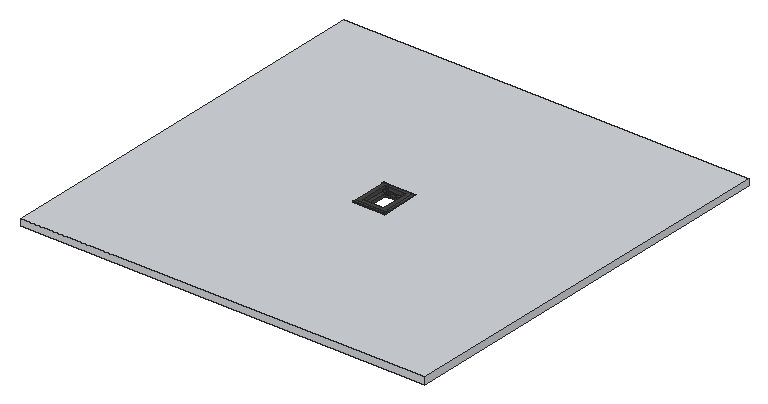
Revit family
Parameters (values of type "817PCC-BLK")
  SmartBIM Object Version = 3  # constant formula
  SmartBIM Object Created By = "Reed Construction Data"  # constant formula
  Model = "817PCC-BLK"
  Box = Black Plastic
  Manufacturer = "Wiremold"  # constant formula
  Description = ""
  Default Elevation = 4' - 0"
  Assembly Code = "D5020100"
  95 CSI = "16130"  # constant formula
  04 CSI = "26 05 33"  # constant formula
Types (3): name | Model | Box
  817B | "817B" | Brass
  817PCC-BLK | "817PCC-BLK" | Black Plastic
  817PCC-BRN | "817PCC-BRN" | Brown Plastic
Reference planes (in)
  plane 1 "Center (Front/Back)": y = 0
  plane 2: z = 0
  plane 3 "Center (Left/Right)": x = 0
Forms (in)
  Extrusion 1, solid
    sketch origin (0, 0, 0) x (1, 0, 0) y (0, 1, 0)
      loop
        line (-30, 30) -> (-30, -30) -> (30, -30) -> (30, 30) -> (-30, 30)
    from 0 to -1
  Sweep 2, solid, material "Black Plastic" <- "Box"
    path origin (2.06, 0, 0) x (1, 0, 0) y (0, 1, 0)
      loop
        line (-4.435, 2.89) -> (-4.435, -2.89) -> (0.315, -2.89) -> (0.315, 2.89) -> (-4.435, 2.89)
    profile origin (0, 2.89, 0) x (0, 1, 0) y (0, 0, 1)
      loop
        line (0, 0.078) -> (-0.25, 0.203) -> (-0.25, 0) -> (0, 0) -> (0, 0.078)
  Extrusion 3, solid, material "Black Plastic" <- "Box"
    sketch origin (2.06, 0, 0) x (1, 0, 0) y (0, 1, 0)
      loop
        line (-4.185, -2.64) -> (0.061, -2.64) -> (0.061, 2.64) -> (-4.185, 2.64) -> (-4.185, -2.64)
      loop
        arc (-0.459, 2.038) -> (-0.48185, 2.09315) -> (-0.537, 2.116) r 0.078
        line (-0.537, 2.116) -> (-3.587, 2.116)
        arc (-3.587, 2.116) -> (-3.64215, 2.09315) -> (-3.665, 2.038) r 0.078
        line (-3.665, 2.038) -> (-3.665, -2.038)
        arc (-3.665, -2.038) -> (-3.64215, -2.09315) -> (-3.587, -2.116) r 0.078
        line (-3.587, -2.116) -> (-0.537, -2.116)
        arc (-0.537, -2.116) -> (-0.48185, -2.09315) -> (-0.459, -2.038) r 0.078
        line (-0.459, -2.038) -> (-0.459, 2.038)
    from 0 to 0.203
  Extrusion 4, solid, material "Black Plastic" <- "Box"
    sketch origin (2.06, 0, 0) x (1, 0, 0) y (0, 1, 0)
      loop
        arc (-3.665, -2.038) -> (-3.64215, -2.09315) -> (-3.587, -2.116) r 0.078
        line (-3.587, -2.116) -> (-0.537, -2.116)
        arc (-0.537, -2.116) -> (-0.48185, -2.09315) -> (-0.459, -2.038) r 0.078
        line (-0.459, -2.038) -> (-0.459, 2.038)
        arc (-0.459, 2.038) -> (-0.48185, 2.09315) -> (-0.537, 2.116) r 0.078
        line (-0.537, 2.116) -> (-3.587, 2.116)
        arc (-3.587, 2.116) -> (-3.64215, 2.09315) -> (-3.665, 2.038) r 0.078
        line (-3.665, 2.038) -> (-3.665, -2.038)
      loop
        line (-2.4685, -1.966) -> (-1.655, -1.966)
        arc (-1.655, -1.966) -> (-1.61116, -1.94784) -> (-1.593, -1.904) r 0.062
        line (-1.593, -1.904) -> (-1.593, -1.48) -> (-1.562, -1.48) -> (-1.156, -1.48)
        arc (-1.156, -1.48) -> (-1.06761, -1.44339) -> (-1.031, -1.355) r 0.125
        line (-1.031, -1.355) -> (-1.031, 1.355)
        arc (-1.031, 1.355) -> (-1.06761, 1.44339) -> (-1.156, 1.48) r 0.125
        line (-1.156, 1.48) -> (-1.562, 1.48) -> (-1.593, 1.48) -> (-1.593, 1.904)
        arc (-1.593, 1.904) -> (-1.61116, 1.94784) -> (-1.655, 1.966) r 0.062
        line (-1.655, 1.966) -> (-2.4685, 1.966)
        arc (-2.4685, 1.966) -> (-2.51269, 1.94769) -> (-2.531, 1.9035) r 0.0625
        line (-2.531, 1.9035) -> (-2.531, 1.48) -> (-2.562, 1.48) -> (-2.968, 1.48)
        arc (-2.968, 1.48) -> (-3.05639, 1.44339) -> (-3.093, 1.355) r 0.125
        line (-3.093, 1.355) -> (-3.093, -1.355)
        arc (-3.093, -1.355) -> (-3.05639, -1.44339) -> (-2.968, -1.48) r 0.125
        line (-2.968, -1.48) -> (-2.562, -1.48) -> (-2.531, -1.48) -> (-2.531, -1.9035)
        arc (-2.531, -1.9035) -> (-2.51269, -1.94769) -> (-2.4685, -1.966) r 0.0625
      loop
        arc (-3.01245, 1.91315) -> (-2.74067, 1.64164) -> (-2.77858, 2.02392) r 0.204
        arc (-2.77858, 2.02392) -> (-2.828, 2.03) -> (-2.87742, 2.02392) r 0.204
        arc (-2.87742, 2.02392) -> (-2.95739, 1.98372) -> (-3.01245, 1.91315) r 0.204
      loop
        circle (-2.828, -1.826) r 0.204
    from -0.672 to -0.27953
  Extrusion 5, solid, material "Black Plastic" <- "Box"
    sketch origin (2.06, 0, 0) x (1, 0, 0) y (0, 1, 0)
      loop
        arc (-3.665, -2.038) -> (-3.64215, -2.09315) -> (-3.587, -2.116) r 0.078
        line (-3.587, -2.116) -> (-0.537, -2.116)
        arc (-0.537, -2.116) -> (-0.48185, -2.09315) -> (-0.459, -2.038) r 0.078
        line (-0.459, -2.038) -> (-0.459, 2.038)
        arc (-0.459, 2.038) -> (-0.48185, 2.09315) -> (-0.537, 2.116) r 0.078
        line (-0.537, 2.116) -> (-3.587, 2.116)
        arc (-3.587, 2.116) -> (-3.64215, 2.09315) -> (-3.665, 2.038) r 0.078
        line (-3.665, 2.038) -> (-3.665, -2.038)
      loop
        arc (-3.79, -2.038) -> (-3.73054, -2.18154) -> (-3.587, -2.241) r 0.203
        line (-3.587, -2.241) -> (-0.537, -2.241)
        arc (-0.537, -2.241) -> (-0.39346, -2.18154) -> (-0.334, -2.038) r 0.203
        line (-0.334, -2.038) -> (-0.334, 2.038)
        arc (-0.334, 2.038) -> (-0.39346, 2.18154) -> (-0.537, 2.241) r 0.203
        line (-0.537, 2.241) -> (-3.587, 2.241)
        arc (-3.587, 2.241) -> (-3.73054, 2.18154) -> (-3.79, 2.038) r 0.203
        line (-3.79, 2.038) -> (-3.79, -2.038)
    from -0.672 to 0
  Extrusion 6, solid, material "Black Plastic" <- "Box"
    sketch origin (2.06, 0, 0) x (1, 0, 0) y (0, 1, 0)
      loop
        arc (-2.67962, 1.966) -> (-2.72495, 2.00206) -> (-2.77858, 2.02392) r 0.204
        arc (-2.77858, 2.02392) -> (-2.828, 2.03) -> (-2.87742, 2.02392) r 0.204
        arc (-2.87742, 2.02392) -> (-3.03048, 1.8011) -> (-2.828, 1.622) r 0.204
        line (-2.828, 1.622) -> (-2.562, 1.622)
        arc (-2.562, 1.622) -> (-2.54008, 1.61292) -> (-2.531, 1.591) r 0.031
        line (-2.531, 1.591) -> (-2.531, 1.48) -> (-2.5, 1.48) -> (-1.624, 1.48) -> (-1.593, 1.48) -> (-1.593, 1.904)
        arc (-1.593, 1.904) -> (-1.61116, 1.94784) -> (-1.655, 1.966) r 0.062
        line (-1.655, 1.966) -> (-2.67962, 1.966)
      loop
        line (-2.67962, -1.966) -> (-1.655, -1.966)
        arc (-1.655, -1.966) -> (-1.61116, -1.94784) -> (-1.593, -1.904) r 0.062
        line (-1.593, -1.904) -> (-1.593, -1.48) -> (-1.624, -1.48) -> (-2.5, -1.48) -> (-2.531, -1.48) -> (-2.531, -1.591)
        arc (-2.531, -1.591) -> (-2.54008, -1.61292) -> (-2.562, -1.622) r 0.031
        line (-2.562, -1.622) -> (-2.828, -1.622)
        arc (-2.828, -1.622) -> (-3.03048, -1.8011) -> (-2.87742, -2.02392) r 0.204
        arc (-2.87742, -2.02392) -> (-2.828, -2.03) -> (-2.77858, -2.02392) r 0.204
        arc (-2.77858, -2.02392) -> (-2.72495, -2.00206) -> (-2.67962, -1.966) r 0.204
    from -0.672 to -0.41705
  Extrusion 7, solid, material "Black Plastic" <- "Box"
    sketch origin (0, 0, 0) x (1, 0, 0) y (0, 1, 0)
      loop
        arc (-1.605, 1.607) -> (-1.59592, 1.62892) -> (-1.574, 1.638) r 0.031
        line (-1.574, 1.638) -> (-1.347, 1.638)
        arc (-1.347, 1.638) -> (-1.21406, 1.69306) -> (-1.159, 1.826) r 0.188
        line (-1.159, 1.826) -> (-1.159, 2.085)
        arc (-1.159, 2.085) -> (-1.14992, 2.10692) -> (-1.128, 2.116) r 0.031
        line (-1.128, 2.116) -> (-1.527, 2.116)
        arc (-1.527, 2.116) -> (-1.58215, 2.09315) -> (-1.605, 2.038) r 0.078
        line (-1.605, 2.038) -> (-1.605, 1.607)
      loop
        line (1.601, 1.607) -> (1.601, 2.038)
        arc (1.601, 2.038) -> (1.57815, 2.09315) -> (1.523, 2.116) r 0.078
        line (1.523, 2.116) -> (1.124, 2.116)
        arc (1.124, 2.116) -> (1.14592, 2.10692) -> (1.155, 2.085) r 0.031
        line (1.155, 2.085) -> (1.155, 1.826)
        arc (1.155, 1.826) -> (1.21006, 1.69306) -> (1.343, 1.638) r 0.188
        line (1.343, 1.638) -> (1.57, 1.638)
        arc (1.57, 1.638) -> (1.59192, 1.62892) -> (1.601, 1.607) r 0.031
      loop
        line (-1.605, -1.607) -> (-1.605, -2.038)
        arc (-1.605, -2.038) -> (-1.58215, -2.09315) -> (-1.527, -2.116) r 0.078
        line (-1.527, -2.116) -> (-1.128, -2.116)
        arc (-1.128, -2.116) -> (-1.14992, -2.10692) -> (-1.159, -2.085) r 0.031
        line (-1.159, -2.085) -> (-1.159, -1.826)
        arc (-1.159, -1.826) -> (-1.21406, -1.69306) -> (-1.347, -1.638) r 0.188
        line (-1.347, -1.638) -> (-1.574, -1.638)
        arc (-1.574, -1.638) -> (-1.59592, -1.62892) -> (-1.605, -1.607) r 0.031
      loop
        arc (1.601, -1.607) -> (1.59192, -1.62892) -> (1.57, -1.638) r 0.031
        line (1.57, -1.638) -> (1.343, -1.638)
        arc (1.343, -1.638) -> (1.21006, -1.69306) -> (1.155, -1.826) r 0.188
        line (1.155, -1.826) -> (1.155, -2.085)
        arc (1.155, -2.085) -> (1.14592, -2.10692) -> (1.124, -2.116) r 0.031
        line (1.124, -2.116) -> (1.523, -2.116)
        arc (1.523, -2.116) -> (1.57815, -2.09315) -> (1.601, -2.038) r 0.078
        line (1.601, -2.038) -> (1.601, -1.607)
    from -0.27953 to -0.078
  Extrusion 8, void
    sketch origin (0, 0, 0) x (1, 0, 0) y (0, 1, 0)
      loop
        line (-2.375, 2.89) -> (-2.375, -2.89) -> (2.375, -2.89) -> (2.375, 2.89) -> (-2.375, 2.89)
    from -0.99534 to 0.203
Cuts and joins
  joined: Sweep 2, Extrusion 3, Extrusion 4, Extrusion 5, Extrusion 6
Dimensions and locks (in)
  aligned and locked: plane 2 to Extrusion 1
  aligned and locked: level to Extrusion 1
  aligned and locked: Extrusion 8 sketch curve to cut or joined group of Sweep 2, Extrusion 3, Extrusion 4, Extrusion 5, Extrusion 6  (x2)
